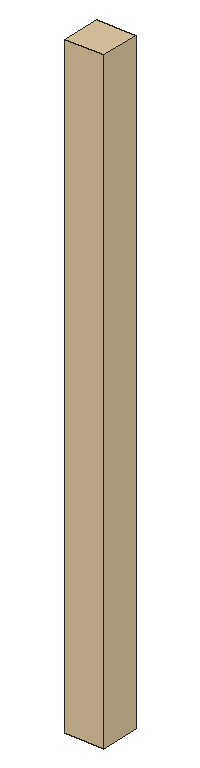
Revit family "M_Coluna de madeira de lei", category Colunas, Revit 2019
Family settings
  Número OmniClass = 23.25.30.11.14.11
  Título OmniClass = Columns
  ID de item do Seek = Wood Timber Column-0000-CAN-ENU
  Corte com vazios quando carregada = Não
  Unir automaticamente geometria às paredes = Sim
  Compartilhado = Não
  Exibir o pré-corte da família na vista da planta = Sim
Parameters (values of type "191 x 191mm")
  Linear = 191.00 mm
  Material = Madeira de Conífera, Madeira
  Largura = 191.00 mm
Types (8, lengths in mm): name | Linear | Largura
  (no name) | 191.00 | 191.00
  140 x 191mm | 191.00 | 140.00
  191 x 191mm | 191.00 | 191.00
  140 x 140mm | 140.00 | 140.00
  191 x 241mm | 241.00 | 191.00
  114 x 114mm | 114.00 | 114.00
  140 x 241mm | 241.00 | 140.00
  191 x 292mm | 292.00 | 191.00
Reference planes
  plane 1: y = 0
  plane 2: z = 0
  plane 3: x = 0
  plane 4: x = -95.5
  plane 5: x = 95.5
  plane 6: y = 95.5
  plane 7: y = -95.5
Forms (mm)
  Extrusion 1, solid, material "Madeira de Conífera, Madeira" <- "Material"
    sketch origin (0, 0, 0) x (1, 0, 0) y (0, 1, 0)
      loop
        line (-95.5, -95.5) -> (95.5, -95.5) -> (95.5, 95.5) -> (-95.5, 95.5) -> (-95.5, -95.5)
    from 0 to 3000
Lines and regions (mm)
  symbolic lines
    curve 1: line (-95.5, 95.5, 0) -> (95.5, -95.5, 0)
    curve 2: line (95.5, 95.5, 0) -> (-95.5, -95.5, 0)
Dimensions and locks
  equal spacing: plane 4, plane 3, plane 5
  equal spacing: plane 7, plane 1, plane 6
  "Largura": plane 4 to plane 5
  "Linear": plane 7 to plane 6
  aligned and locked: plane 4 to Extrusion 1 sketch curve
  aligned and locked: plane 5 to Extrusion 1 sketch curve
  aligned and locked: Extrusion 1 sketch curve to plane 5
  aligned and locked: level to Extrusion 1
Automatic sketch dimensions
  Extrusion 1 sketch curve to plane 7 = 0.00 mm
  Extrusion 1 sketch curve to plane 6 = 0.00 mm
  curve 2 to plane 5 = 0.00 mm
  curve 1 to plane 5 = 0.00 mm
  curve 1 to plane 7 = 0.00 mm
  curve 2 to plane 6 = 0.00 mm
  curve 1 to plane 6 = 0.00 mm
  curve 2 to plane 4 = 0.00 mm
  curve 1 to plane 4 = 0.00 mm
  curve 2 to plane 7 = 0.00 mm
